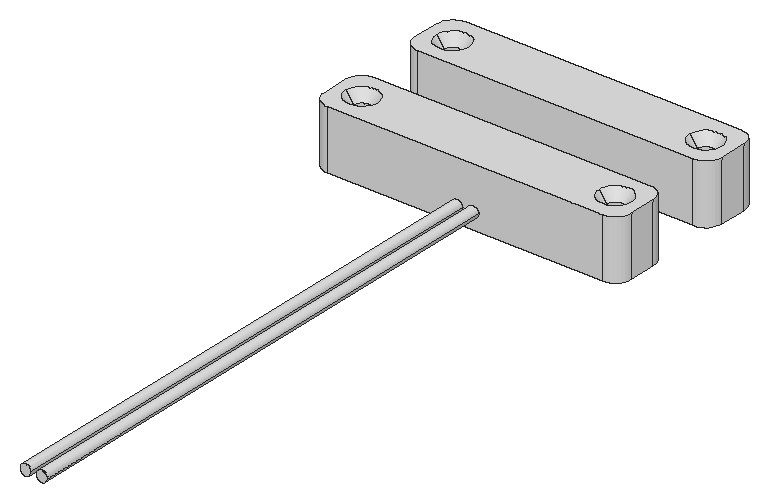
Revit family "signalizator magnitokontaktnyy SMK-1", category Датчики, Revit 2023
Family settings
  Размер круглого соединителя = Использовать диаметр
  Тип детали = Нормальный
  Номер OmniClass = 23.85.50.17
  Заголовок OmniClass = Communication and Data Processing Equipment
  На основе рабочей плоскости = Нет
  Всегда вертикально = Да
  При загрузке вырезать с полостями = Нет
  Сохранять ориентацию аннотаций = Нет
  Общий = Нет
  Точка принадлежности помещению = Нет
Parameters (values of type "Сигнализатор магнитоконтактный СМК-1")
  Число срабатываний = "не менее 106 при максимальной мощности 10 Вт"
  Степень защиты оболочки = "IP44"
  Срок службы = "не менее 8 лет"
  Отметка по умолчанию = 0 mm
  Описание = "Сигнализатор магнитоконтактный СМК-1 предназначен для блокировки дверных и оконных проёмов, организации устройств типа «ловушка», а также блокировки других конструктивных элементов зданий и сооружений на открывание или смещение с выдачей сигнала «тревога» путём размыкания контактов геркона на приёмно-контрольный прибор, концентратор или пункт централизованного наблюдения."
  Keynote = ""
  Кабель = yes
  Изготовитель = [ADSK_Завод-изготовитель]  # "ООО НПП «МАГНИТО-КОНТАКТ»"
  Выходное сопротивление = "не более 0.5 Ом при токе пропускания (100±10) мА"
  URL = "https://m-kontakt.ru/produkt/datch_dlya_magn_konstr/smk_102_1"
  ADSK_Размер_Ширина = 11 mm
  ADSK_Размер_Длина вывода = 100 mm
  ADSK_Размер_Длина = 57 mm
  ADSK_Размер_Диаметр = 3.2 mm
  ADSK_Размер_Высота = 11 mm
  ADSK_Примечание = "Сигнализатор сохраняет работоспособность при температуре окружающего воздуха от -50°С до +50°С и относительной влажности до 98% при температуре +35°С без конденсации влаги.Сигнализатор рассчитан на непрерывную круглосуточную работу"
  ADSK_Обозначение = "АТФЕ.425119.169"
  ADSK_Наименование краткое = "СМК-1"
  ADSK_Наименование = "Сигнализатор магнитоконтактный СМК-1"
  ADSK_Материал = Пластик
  ADSK_Масса = 0.12
  ADSK_Завод-изготовитель = "ООО НПП «МАГНИТО-КОНТАКТ»"  # constant formula
  ADSK_Единица измерения = "шт."  # constant formula
Reference planes
  plane 1 "По центру (Вперед/Назад)": y = 0
  plane 2: z = 0
  plane 3 "По центру (Влево/Вправо)": x = 0
  plane 4: y = 5
  plane 5: y = -5
Forms (mm)
  Extrusion 1, solid, material "Пластик" <- "ADSK_Материал"
    sketch origin (-28.5, -16, 0) x (1, 0, 0) y (0, 1, 0)
      loop
        line (2.991, 0) -> (54.009, 0)
        arc (54.009, 0) -> (56.124, 0.876) -> (57, 2.991) r 2.991
        line (57, 2.991) -> (57, 8.009)
        arc (57, 8.009) -> (56.124, 10.124) -> (54.009, 11) r 2.991
        line (54.009, 11) -> (2.991, 11)
        arc (2.991, 11) -> (0.876, 10.124) -> (0, 8.009) r 2.991
        line (0, 8.009) -> (0, 2.991)
        arc (0, 2.991) -> (0.876, 0.876) -> (2.991, 0) r 2.991
    from 0 to 11
  Extrusion 2, solid, material "Пластик" <- "ADSK_Материал"
    sketch origin (-28.5, 16, 0) x (1, 0, 0) y (0, 1, 0)
      loop
        arc (2.991, 0) -> (0.876, -0.876) -> (0, -2.991) r 2.991
        line (0, -2.991) -> (0, -8.009)
        arc (0, -8.009) -> (0.876, -10.124) -> (2.991, -11) r 2.991
        line (2.991, -11) -> (54.009, -11)
        arc (54.009, -11) -> (56.124, -10.124) -> (57, -8.009) r 2.991
        line (57, -8.009) -> (57, -2.991)
        arc (57, -2.991) -> (56.124, -0.876) -> (54.009, 0) r 2.991
        line (54.009, 0) -> (2.991, 0)
    from 0 to 11
  Extrusion 3, solid, material "Пластик" <- "ADSK_Материал", visible <- "Кабель"
    sketch origin (0, 0, 0) x (1, 0, 0) y (0, 0, 1)
      loop
        circle (1.516, 3) r 1
      loop
        circle (-1.516, 3) r 1
    from 16 to 116
  Blend 4, void
    base sketch origin (0, 0, 0) x (1, 0, 0) y (0, 1, 0)
      loop
        circle (23.5, -10.5) r 1.6
    top sketch origin (0, 0, 0) x (1, 0, 0) y (0, 1, 0)
      loop
        circle (23.5, -10.5) r 3
    from 9 to 11
  Blend 5, void
    base sketch origin (0, 0, 0) x (1, 0, 0) y (0, 1, 0)
      loop
        circle (-23.5, -10.5) r 1.6
    top sketch origin (0, 0, 0) x (1, 0, 0) y (0, 1, 0)
      loop
        circle (-23.5, -10.5) r 3
    from 9 to 11
  Blend 6, void
    base sketch origin (0, 0, 0) x (1, 0, 0) y (0, 1, 0)
      loop
        circle (-23.5, 10.5) r 1.6
    top sketch origin (0, 0, 0) x (1, 0, 0) y (0, 1, 0)
      loop
        circle (-23.5, 10.5) r 3
    from 9 to 11
  Blend 7, void
    base sketch origin (0, 0, 0) x (1, 0, 0) y (0, 1, 0)
      loop
        circle (23.5, 10.5) r 1.6
    top sketch origin (0, 0, 0) x (1, 0, 0) y (0, 1, 0)
      loop
        circle (23.5, 10.5) r 3
    from 9 to 11
  Extrusion 8, void
    sketch origin (0, 0, 9) x (0, 1, 0) y (1, 0, 0)
      loop
        circle (-10.5, -23.5) r 1.6
    from 0 to 9
  Extrusion 9, void
    sketch origin (0, 0, 9) x (0, 1, 0) y (1, 0, 0)
      loop
        circle (-10.5, 23.5) r 1.6
    from 0 to 9
  Extrusion 10, void
    sketch origin (0, 0, 9) x (0, 1, 0) y (1, 0, 0)
      loop
        circle (10.5, -23.5) r 1.6
    from 0 to 9
  Extrusion 11, void
    sketch origin (0, 0, 9) x (0, 1, 0) y (1, 0, 0)
      loop
        circle (10.5, 23.5) r 1.6
    from 0 to 9
Cuts and joins
  Blend 4, Blend 5, Extrusion 8, Extrusion 9 cuts Extrusion 1
  Blend 6, Blend 7, Extrusion 10, Extrusion 11 cuts Extrusion 2
Dimensions and locks
  "ADSK_Размер_Длина вывода": Extrusion 3 to cut or joined group of Extrusion 1, Blend 4, Blend 5, Extrusion 8, Extrusion 9
  aligned and locked: level to plane 2
  aligned and locked: plane 5 to Extrusion 1
  aligned and locked: Extrusion 2 to plane 4
Automatic sketch dimensions
  Extrusion 1 sketch curve to plane 5 = 0 mm
  Extrusion 1 sketch curve to plane 5 = 8.009 mm
  Extrusion 1 sketch curve to plane 3 "По центру (Влево/Вправо)" = 28.5 mm
  Extrusion 1 sketch curve to plane 5 = 2.991 mm  (x2)
  Extrusion 1 sketch curve to Extrusion 1 sketch curve = 2.991 mm
  plane 3 "По центру (Влево/Вправо)" to Extrusion 1 sketch curve = 25.509 mm
  Extrusion 1 sketch curve to Extrusion 1 sketch curve = 0 mm
  Extrusion 2 sketch curve to plane 4 = 0 mm
  plane 4 to Extrusion 2 sketch curve = 8.009 mm
  Extrusion 2 sketch curve to plane 3 "По центру (Влево/Вправо)" = 28.5 mm
  plane 4 to Extrusion 2 sketch curve = 2.991 mm  (x2)
  Extrusion 2 sketch curve to Extrusion 2 sketch curve = 2.991 mm
  plane 3 "По центру (Влево/Вправо)" to Extrusion 2 sketch curve = 25.509 mm
  Extrusion 2 sketch curve to Extrusion 2 sketch curve = 0 mm
  Extrusion 3 sketch curve to plane 3 "По центру (Влево/Вправо)" = 1.516 mm
  plane 3 "По центру (Влево/Вправо)" to Extrusion 3 sketch curve = 1.516 mm
  level to Extrusion 3 sketch curve = 3 mm  (x2)
  Blend 4 sketch curve to plane 5 = 5.5 mm  (x2)
  plane 3 "По центру (Влево/Вправо)" to Blend 4 sketch curve = 23.5 mm  (x2)
  Blend 5 sketch curve to plane 5 = 5.5 mm  (x2)
  Blend 5 sketch curve to plane 3 "По центру (Влево/Вправо)" = 23.5 mm  (x2)
  plane 4 to Blend 6 sketch curve = 5.5 mm  (x2)
  Blend 6 sketch curve to plane 3 "По центру (Влево/Вправо)" = 23.5 mm  (x2)
  plane 4 to Blend 7 sketch curve = 5.5 mm  (x2)
  plane 3 "По центру (Влево/Вправо)" to Blend 7 sketch curve = 23.5 mm  (x2)
  Extrusion 8 sketch curve to Extrusion 8 sketch curve = 0 mm  (x2)
  Extrusion 8 sketch curve to Extrusion 8 sketch curve = 1.6 mm
  Extrusion 10 sketch curve to Extrusion 10 sketch curve = 0 mm  (x2)
  Extrusion 10 sketch curve to Extrusion 10 sketch curve = 1.6 mm
  Extrusion 11 sketch curve to Extrusion 11 sketch curve = 0 mm  (x2)
  Extrusion 11 sketch curve to Extrusion 11 sketch curve = 1.6 mm
  radius of Extrusion 3 sketch curve = 1 mm  (x2)
  radius of Blend 4 sketch curve = 1.6 mm
  radius of Blend 4 sketch curve = 3 mm
  radius of Blend 5 sketch curve = 1.6 mm
  radius of Blend 5 sketch curve = 3 mm
  radius of Blend 6 sketch curve = 1.6 mm
  radius of Blend 6 sketch curve = 3 mm
  radius of Blend 7 sketch curve = 1.6 mm
  radius of Blend 7 sketch curve = 3 mm
  radius of Extrusion 9 sketch curve to Blend 4 = 0 mm
Connectors
  electrical at (0, 0, 0)
    settings: index 1, voltage 0 V, apparent load 0 VA, apparent load phase1 0 VA, apparent load phase2 0 VA, apparent load phase3 0 VA, power factor 1, load classification "Прочее", number of poles 1, system type 10, power factor state 1, is connector primary yes, connector utility no, sub classification motor no, connector description ""
